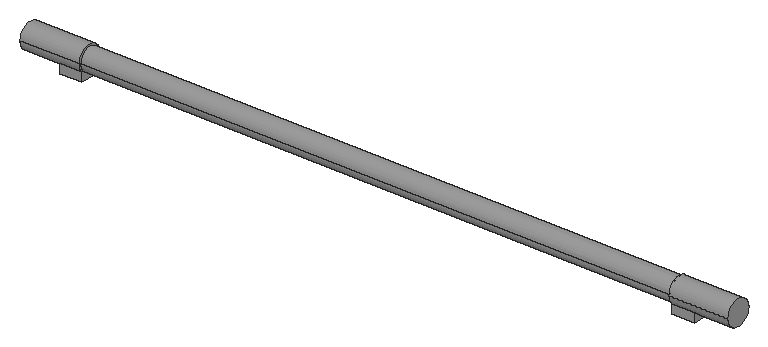
Revit family "0045150 Feilo Sylvania Lighting Fixture START BATTEN  IP65 20W 1200 3K", category Lighting Fixtures, host Face, Revit 2017
Family settings
  Host = Face
  Round Connector Dimension = Use Diameter
  Part Type = Normal
  OmniClass Number = 23.80.70.00
  OmniClass Title = Lighting
  Cut with Voids When Loaded = No
  Light Source = Yes
  Shared = No
  Room Calculation Point = No
Parameters (values of type "0045150 START BATTEN  IP65 20W 1200 3K")
  Weight = "7.512 kg"
  Wattage Comments = ""
  Wattage = 20 W
  WarrantyStartDate [instance] = "n/a"
  WarrantyGuarantorParts = "n/a"
  WarrantyDurationUnit = "n/a"
  WarrantyDurationParts = "n/a"
  WarrantyDescription = "n/a"
  built-in parameter 1150110 = 1 (stored number, unit not read)
  Voltage = 230 V
  URL = "http://www.sylvania-lighting.com"
  TypeName = "START BATTEN  IP65 20W 1200 3K"
  Type Image = <None>
  Type Comments = "n/a"
  built-in parameter 1114217 = 1 (stored number, unit not read)
  Tilt Angle = -90.00°
  built-in parameter 1150109 = 1 (stored number, unit not read)
  built-in parameter 1150134 = (empty or 0)
  built-in parameter 1150113 = 1 (stored number, unit not read)
  SerialNumber [instance] = "n/a"
  RadiusGlandOuter_FEILO = 10 mm
  RadiusGlandInner_FEILO = 5 mm
  RadiusBody_FEILO = 22 mm
  Photometric Web File = "0045150.ies"
  Material_3_FEILO = none
  PowerFactor = 0.9
  PowerConsumption = "20 W"
  NominalLength = 1200 mm
  NominalHeight = 52.8 mm
  NominalDepth = 42 mm
  Name = "START BATTEN  IP65 20W 1200 3K"
  ModelReference = Name  # "START BATTEN  IP65 20W 1200 3K"
  ModelNumber = "0045150"
  Model = Name  # "START BATTEN  IP65 20W 1200 3K"
  Material = "polycarbonate housing, pc diffuser"
  ManufacturerName = "Feilo Sylvania"
  Manufacturer = "Feilo Sylvania"
  LuminousEfficacy = "115 lm/W"
  built-in parameter 1150105 = 507.74 (stored number, unit not read)
  Lumens = 2300 lm
  LuminaireType = ""
  built-in parameter 1150115 = 1 (stored number, unit not read)
  Long_FEILO = no
  LightOutputRatio = "100"
  built-in parameter 1150137 = (empty or 0)
  built-in parameter 1150139 = (empty or 0)
  LampsType = Lamp  # "LED"
  LampNominalLuminous = "2300 lm"
  LampMacAdamStep = "n/a"
  LampColourTemperature = "3000 K"
  LampColourRenderingIndex = "80"
  built-in parameter 1150112 = 1 (stored number, unit not read)
  built-in parameter 1150114 = 1 (stored number, unit not read)
  Lamp = "LED"
  L3_FEILO = if(Long_FEILO, 1378 mm, 1078 mm)  # 1078 mm
  L2_FEILO = if(Long_FEILO, 1543 mm, 1246 mm)  # 1246 mm
  L1_FEILO = if(Long_FEILO, 1588 mm, 1291 mm)  # 1291 mm
  Keynote = "16500"
  InstallationDate [instance] = "n/a"
  InputVoltage = "220-240V~"
  InputNominalFrequency = "50/60 Hz"
  built-in parameter 1150132 = (empty or 0)
  built-in parameter 1150102 = (empty or 0)
  built-in parameter 1150107 = 3000 (stored number, unit not read)
  built-in parameter 1150138 = (empty or 0)
  IngressProtection = "IP65"
  ImpactProtectionIndex = "IK08"
  built-in parameter 1150106 = 5.0774 (stored number, unit not read)
  IfcExportType = "IfcLightFixtureType"
  IfcExportAs = "IfcLightFixtureType"
  ExpectedLife = 50000
  Emit from Rectangle Width = 25 mm
  Emit from Rectangle Length = L3_FEILO - 40 mm  # 1038 mm
  Emit Shape Visible in Rendering = no
  ElectricShockClassification = "Class II"
  built-in parameter 1150104 = 10.684 (stored number, unit not read)
  DurationUnit = "hours"
  DocumentationLiterature = "http://www.sylvania-lighting.com/product/en-int/products/0045150"
  DimmingControlOptions = "n/a"
  Material_2_FEILO = Diffuser-Sylvania-StartBatten
  Dimming Lamp Color Temperature Shift = <None>
  Description = "The new upgraded Start Batten IP65 ( upgraded version of Batten LED LINK) is a versatile range of slimline LED waterproof luminaires that provide an ideal solution for interior and exterior applications such as workshops, garages and outdoor covered spaces. The  design allows the luminaire to be easily linked to another luminaire through an IP65 rated connector. The performance of the range  has been significantly improved ,  for example Start Twin Batten IP65 LED delivers  a performance of up to 6000lm (125lm/W). Available in 1200mm and 1500mm lengths (approx.) - the product can be a slimline replacement for single and twin 36W/58W fluorescent waterproof battens."
  Default Elevation = 1219.2 mm
  CreatedOn = "3/8/2018"
  CreatedBy = ""
  Cost = 0
  Color Filter = 16777215
  built-in parameter 1114216 [instance] = (empty or 0)
  ClassificationValue = "EF_70_80"
  ClassificationName = "Uniclass2015"
  Material_1_FEILO = Body-Sylvania-StartBatten
  BarCode [instance] = "n/a"
  built-in parameter 1114218 = 1 (stored number, unit not read)
  built-in parameter 1150133 = 10 (stored number, unit not read)
  AssetType = "Fixed"
  AssetIdentifier [instance] = "n/a"
  Assembly Code = "D5020200"
  Apparent Load = 20 VA
  Material_4_FEILO = none
Reference planes
  plane 1 "Center (Front/Back)": y = 0
  plane 2: z = 0
  plane 3 "Center (Left/Right)": x = 0
  plane 4: z = 53
  plane 5: y = -22
  plane 6: y = 22
  plane 7: z = 9
  plane 8: z = 31
  plane 9: y = -16
  plane 10: y = 16
  plane 11: x = 539
  plane 12: x = 539
  plane 13: x = -539
  plane 14: x = -623
  plane 15: x = 623
  plane 16: x = -645.5
  plane 17: x = 645.5
  plane 18: x = -519
  plane 19: x = 519
  plane 20: x = 559
  plane 21: x = -559
Forms (mm)
  Extrusion 1, solid, material "Body-Sylvania-StartBatten" <- "Material_1_FEILO"
    sketch origin (-539, 1524, 1219.2) x (0, 1, 0) y (0, 0, 1)
      loop
        circle (-1524, -1188.2) r 22
    from -84 to 20
  Extrusion 2, solid, material "Body-Sylvania-StartBatten" <- "Material_1_FEILO"
    sketch origin (539, 1524, 1219.2) x (0, 1, 0) y (0, 0, 1)
      loop
        circle (-1524, -1188.2) r 22
    from 84 to -20
  Extrusion 3, solid, material "Diffuser-Sylvania-StartBatten" <- "Material_2_FEILO"
    sketch origin (0, 0, 0) x (0, 1, 0) y (0, 0, 1)
      loop
        circle (0, 31) r 20
    from -519 to 519
  Extrusion 4, solid, material "Body-Sylvania-StartBatten" <- "Material_1_FEILO"
    sketch origin (-539, 1524, 1219.2) x (0, 1, 0) y (0, 0, 1)
      loop
        line (-1540, -1219.2) -> (-1508, -1219.2) -> (-1508, -1188.2) -> (-1540, -1188.2) -> (-1540, -1219.2)
    from -20 to 20
  Extrusion 5, solid, material "Body-Sylvania-StartBatten" <- "Material_1_FEILO"
    sketch origin (539, 1524, 1219.2) x (0, 1, 0) y (0, 0, 1)
      loop
        line (-1540, -1188.2) -> (-1540, -1219.2) -> (-1508, -1219.2) -> (-1508, -1188.2) -> (-1540, -1188.2)
    from -20 to 20
Cuts and joins
  joined: Extrusion 1, Extrusion 4
  joined: Extrusion 2, Extrusion 5
Dimensions and locks
  equal spacing: plane 5, plane 1 "Center (Front/Back)", plane 6
  locked: plane 5 to plane 6 at 44
  locked: plane 4 to plane 2 at 53
  equal spacing: plane 9, plane 1 "Center (Front/Back)", plane 10
  locked: plane 5 to plane 9 at 6
  equal spacing: plane 13, plane 3 "Center (Left/Right)", plane 12
  "L3_FEILO": plane 13 to plane 12
  equal spacing: plane 14, plane 3 "Center (Left/Right)", plane 15
  "L2_FEILO": plane 14 to plane 15
  equal spacing: plane 16, plane 3 "Center (Left/Right)", plane 17
  "L1_FEILO": plane 16 to plane 17
  locked: plane 4 to plane 8 at 22
  locked: plane 8 to plane 7 at 22
  equal spacing: plane 18, plane 3 "Center (Left/Right)", plane 19
  locked: plane 13 to plane 18 at 20
  equal spacing: plane 21, plane 3 "Center (Left/Right)", plane 20
  locked: plane 21 to plane 13 at 20
  "RadiusBody_FEILO": radius of Extrusion 1 sketch curve
  aligned and locked: plane 2 to host face
  aligned and locked: level to host face
  aligned and locked: Extrusion 1 to plane 14
  aligned and locked: Extrusion 2 sketch curve to Extrusion 1  (x2)
  aligned and locked: plane 15 to Extrusion 2
  aligned and locked: plane 18 to Extrusion 1
  aligned and locked: Extrusion 3 to Extrusion 1
  aligned and locked: plane 19 to Extrusion 3
  aligned and locked: Extrusion 2 to Extrusion 3
  aligned and locked: Extrusion 4 sketch curve to level
  aligned and locked: plane 9 to Extrusion 4 sketch curve
  aligned and locked: plane 8 to Extrusion 4 sketch curve
  aligned and locked: Extrusion 4 sketch curve to plane 10
  aligned and locked: Extrusion 1 to Extrusion 4
  aligned and locked: Extrusion 4 to plane 21
  aligned and locked: Extrusion 5 sketch curve to Extrusion 4  (x4)
  aligned and locked: plane 20 to Extrusion 5
  aligned and locked: Extrusion 2 to Extrusion 5
  aligned and locked: plane 4 to imposter light
  aligned and locked: imposter light to plane 1 "Center (Front/Back)"
  aligned and locked: plane 3 "Center (Left/Right)" to imposter light
Automatic sketch dimensions
  host sketch curve to host sketch curve = 2438.4 mm  (x2)
  Extrusion 1 sketch curve to plane 1 "Center (Front/Back)" = 0 mm
  Extrusion 1 sketch curve to plane 8 = 0 mm
  Extrusion 3 sketch curve to plane 8 = 0 mm
  Extrusion 3 sketch curve to plane 1 "Center (Front/Back)" = 0 mm
  Extrusion 3 sketch curve to plane 5 = 2 mm
Connectors
  electrical at (0, 0, 0), driven by "Apparent Load", driven by "PowerFactor", driven by "Voltage"
    settings: index 1, voltage 230 V, apparent load 20 VA, apparent load phase1 0 VA, apparent load phase2 0 VA, apparent load phase3 0 VA, power factor 0.9, load classification "Lighting", number of poles 1, system type 30, power factor state 1, is connector primary yes, connector utility no, sub classification motor no, connector description ""
